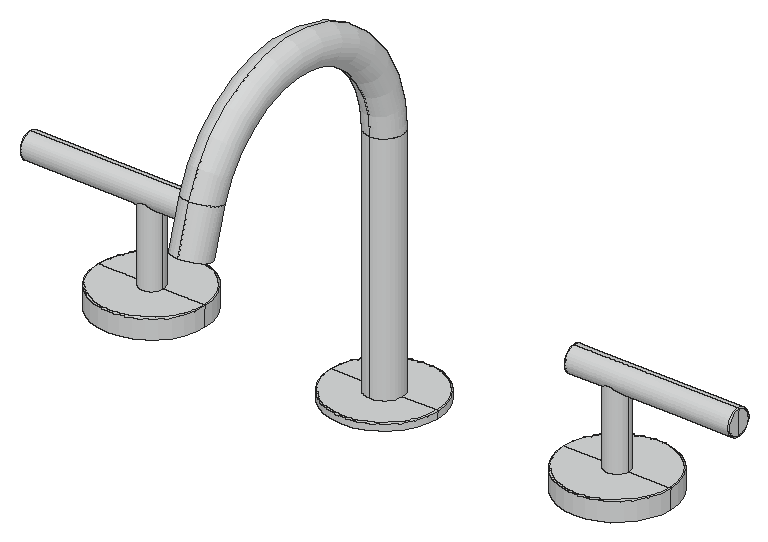
Revit family "TapSet_Basin_Nero_Mecca_Arc_Spout", category Plumbing Fixtures, Revit 2022
Family settings
  Round Connector Dimension = Use Diameter
  Part Type = Normal
  OmniClass Number = 23.31.11.19
  OmniClass Title = Faucet Mixing Valves
  Work Plane-Based = No
  Always vertical = Yes
  Cut with Voids When Loaded = Yes
  Maintain Annotation Orientation = No
  Shared = No
  Room Calculation Point = No
Parameters (values of type "Chrome (25D002CH)")
  Waste Connection = no
  WFU = 0
  Vent Connection = no
  Uniclass2015Version = "Products v1.35"
  Uniclass2015Title = "Taps and water supply outlet fittings"
  Uniclass2015Code = "Pr_40_20_87"
  URL = "https://nerotapware.com.au/"
  Type Comments = "Tap Set - Basin - Arc - Spout - Chrome"
  ModifiedIssue = 20251009
  Model = "25D002CH"
  Material = Metal_Chrome_Nero
  ManufacturerURLProductSpecific = ""
  ManufacturerSpecCode = Model  # "25D002CH"
  ManufacturerOverallWidth = 396 mm  # constant formula
  ManufacturerOverallHeight = 210 mm  # constant formula
  ManufacturerOverallDepth = 175 mm  # constant formula
  Manufacturer = "Nero"
  IfcExportType = "MIXING"
  IfcExportAs = "IfcValve"
  HWFU = 0
  HW Connection = yes
  Description = "Mecca Basin Set Arc Spout Chrome"
  Default Elevation = 900 mm
  CreatedByURL = "https://igsgroup.com.au"
  CreatedBy = "IGS BIM Solutions"  # constant formula
  CWFU = 0
  CW Connection = yes
  Assembly Code = "D2010"
Types (7, lengths in mm): name | Type Comments | Model | Material | ManufacturerSpecCode | Description
  Chrome (25D002CH) | "Tap Set - Basin - Arc - Spout - Chrome" | "25D002CH" | Metal_Chrome_Nero | "25D002CH" | "Mecca Basin Set Arc Spout Chrome"
  Matte Black (25D002MB) | "Tap Set - Basin - Arc - Spout - Matte Black" | "25D002MB" | Metal_MatteBlack_Nero | "25D002MB" | "Mecca Basin Set Arc Spout Matte Black"
  Brushed Nickel (25D002BN) | "Tap Set - Basin - Arc - Spout - Brushed Nickel" | "25D002BN" | Metal_Nickel_Nero_Brushed | "25D002BN" | "Mecca Basin Set Arc Spout Brushed Nickel"
  Gun Metal (25D002GM) | "Tap Set - Basin - Arc - Spout - Gun Metal" | "25D002GM" | Metal_GunMetal_Nero | "25D002GM" | "Mecca Basin Set Arc Spout Gun Metal"
  Brushed Gold (25D002BG) | "Tap Set - Basin - Arc - Spout - Brushed Gold" | "25D002BG" | Metal_Gold_Nero_Brushed | "25D002BG" | "Mecca Basin Set Arc Spout Brushed Gold"
  Brushed Bronze (25D002BZ) | "Tap Set - Basin - Arc - Spout - Brushed Bronze" | "25D002BZ" | Metal_Bronze_Nero_Brushed | "25D002BZ" | "Mecca Basin Set Arc Spout Brushed Bronze"
  Matte White (25D002MW) | "Tap Set - Basin - Arc - Spout - Matte White" | "25D002MW" | Metal_MatteWhite_Nero | "25D002MW" | "Mecca Basin Set Arc Spout Matte White"
Reference planes
  plane 1 "Bottom": z = 0
  plane 2 "Center (Left/Right)": x = 0.115
  plane 3 "Ref. Level": z = 0
  plane 4 "Top": z = 210
  plane 5 "Right": x = 198.115
  plane 6 "Left": x = -197.885
  plane 7 "SpoutCenter (Front/Back)": y = 70.962
  plane 8 "Front": y = -74.038
  plane 9 "Back": y = 100.962
Forms (mm)
  Extrusion 1, solid, material "Metal_Chrome_Nero" <- "Material"
    sketch origin (-636.28, 1255.962, 0) x (-1, 0, 0) y (0, -1, 0)
      loop
        circle (-505.968, 1185) r 6.35
      loop
        circle (-766.395, 1185) r 6.35
    from 0 to -1
  Revolve 2, solid, material "Metal_Chrome_Nero" <- "Material"
    sketch origin (-129.77, 70.962, 70.962) x (0, 0, -1) y (1, 0, 0)
      loop
        line (70.962, 99.885) -> (70.962, 129.885) -> (66.962, 129.885) -> (66.962, 100.385)
        arc (66.962, 100.385) -> (67.109, 100.031) -> (67.462, 99.885) r 0.5
        line (67.462, 99.885) -> (70.962, 99.885)
      axis (66.962, 129.885) -> (70.962, 129.885)
    angle from 0 to 360
  Revolve 3, solid, material "Metal_Chrome_Nero" <- "Material"
    sketch origin (0, 70.962, 70.962) x (0, 0, -1) y (1, 0, 0)
      loop
        line (70.962, -99.885) -> (60.462, -99.885)
        arc (60.462, -99.885) -> (60.109, -100.031) -> (59.962, -100.385) r 0.5
        line (59.962, -100.385) -> (59.962, -123.385) -> (13.962, -123.385) -> (13.962, -129.885) -> (70.962, -129.885) -> (70.962, -99.885)
      axis (13.962, -129.885) -> (70.962, -129.885)
    angle from 0 to 360
  Revolve 4, solid, material "Metal_Chrome_Nero" <- "Material"
    sketch origin (0, 70.962, 70.962) x (0, 0, -1) y (1, 0, 0)
      loop
        line (13.962, -105.885) -> (13.962, -197.885) -> (20.462, -197.885)
        arc (20.462, -197.885) -> (20.816, -197.739) -> (20.962, -197.385) r 0.5
        line (20.962, -197.385) -> (20.962, -106.385)
        arc (20.962, -106.385) -> (20.816, -106.031) -> (20.462, -105.885) r 0.5
        line (20.462, -105.885) -> (13.962, -105.885)
      axis (13.962, -105.885) -> (13.962, -197.885)
    angle from 0 to 360
  Extrusion 5, void
    sketch origin (636.083, -1114.038, 0) x (1, 0, 0) y (0, 1, 0)
      loop
        circle (-766.181, 1185) r 15
      loop
        circle (-505.968, 1185) r 15
    from 0 to -40
  Sweep 6, solid, material "Metal_Chrome_Nero" <- "Material"
    path origin (0.115, 118.462, -14.038) x (0, 0, -1) y (0, 1, 0)
      loop
        line (-14.038, -47.5) -> (-148.991, -47.5)
        arc (-148.991, -47.5) -> (-213.25, -102.44) -> (-168.965, -174.457) r 65.05
        line (-168.965, -174.457) -> (-144.038, -182.5)
    profile origin (0.115, 70.962, 67.476) x (0, -1, 0) y (1, 0, 0)
      loop
        circle (0, 0) r 10
  Revolve 7, solid, material "Metal_Chrome_Nero" <- "Material"
    sketch origin (0.23, 70.962, 70.962) x (0, 0, -1) y (1, 0, 0)
      loop
        line (70.962, 99.885) -> (70.962, 129.885) -> (13.962, 129.885) -> (13.962, 123.385) -> (59.962, 123.385) -> (59.962, 100.385)
        arc (59.962, 100.385) -> (60.109, 100.031) -> (60.462, 99.885) r 0.5
        line (60.462, 99.885) -> (70.962, 99.885)
      axis (13.962, 129.885) -> (70.962, 129.885)
    angle from 0 to 360
  Revolve 8, solid, material "Metal_Chrome_Nero" <- "Material"
    sketch origin (0.23, 70.962, 70.962) x (0, 0, -1) y (1, 0, 0)
      loop
        line (13.962, 105.885) -> (20.462, 105.885)
        arc (20.462, 105.885) -> (20.816, 106.031) -> (20.962, 106.385) r 0.5
        line (20.962, 106.385) -> (20.962, 197.385)
        arc (20.962, 197.385) -> (20.816, 197.739) -> (20.462, 197.885) r 0.5
        line (20.462, 197.885) -> (13.962, 197.885) -> (13.962, 105.885)
      axis (13.962, 105.885) -> (13.962, 197.885)
    angle from 0 to 360
Cuts and joins
  Extrusion 5 cuts Revolve 3
  joined: Revolve 3, Revolve 4
  joined: Revolve 2, Sweep 6
  joined: Revolve 7, Revolve 8
Lines and regions (mm)
  Masking region 1
    outline origin (0, 0, 210) x (0, 1, 0) y (-1, 0, 0)
      loop
        spline (-64.038, 9.885) -> (-66.501, 9.544) -> (-68.796, 8.545) -> (-70.767, 6.956) -> (-72.28, 4.885) -> (-73.23, 2.473) -> (-73.555, -0.115) -> (-73.23, -2.703) -> (-72.28, -5.115) -> (-70.767, -7.186) -> (-68.796, -8.775) -> (-66.501, -9.774) -> (-64.038, -10.115)
        line (-64.038, -10.115) -> (42.678, -10.115)
        arc (42.678, -10.115) -> (100.962, -0.115) -> (42.678, 9.885) r 30
        line (42.678, 9.885) -> (-64.038, 9.885)
      loop
        arc (77.962, 197.385) -> (77.816, 197.739) -> (77.462, 197.885) r 0.5
        line (77.462, 197.885) -> (64.462, 197.885)
        arc (64.462, 197.885) -> (64.109, 197.739) -> (63.962, 197.385) r 0.5
        line (63.962, 197.385) -> (63.962, 159.057)
        arc (63.962, 159.057) -> (70.962, 99.885) -> (77.962, 159.057) r 30
        line (77.962, 159.057) -> (77.962, 197.385)
      loop
        line (77.962, -197.615) -> (77.962, -159.287)
        arc (77.962, -159.287) -> (70.962, -100.115) -> (63.962, -159.287) r 30
        line (63.962, -159.287) -> (63.962, -197.615)
        arc (63.962, -197.615) -> (64.109, -197.969) -> (64.462, -198.115) r 0.5
        line (64.462, -198.115) -> (77.462, -198.115)
        arc (77.462, -198.115) -> (77.816, -197.969) -> (77.962, -197.615) r 0.5
  symbolic lines, style "Taps/Mixers", detail levels medium+fine
    curve 1: arc (10.115, 70.962, 210) -> (0.115, 80.962, 210) -> (-9.885, 70.962, 210) r 10
    curve 2: line (-9.885, 42.678, 210) -> (-9.885, 70.962, 210)
    curve 3: line (10.115, 42.678, 210) -> (10.115, 70.962, 210)
    curve 4: line (-106.385, 77.962, 210) -> (-159.057, 77.962, 210)
    curve 5: line (-105.885, 64.462, 210) -> (-105.885, 77.462, 210)
    curve 6: arc (-105.885, 77.462, 210) -> (-106.031, 77.816, 210) -> (-106.385, 77.962, 210) r 0.5
    curve 7: line (-106.385, 63.962, 210) -> (-159.057, 63.962, 210)
    curve 8: arc (-105.885, 64.462, 210) -> (-106.031, 64.109, 210) -> (-106.385, 63.962, 210) r 0.5
    curve 9: line (106.615, 77.962, 210) -> (159.287, 77.962, 210)
    curve 10: line (106.115, 64.462, 210) -> (106.115, 77.462, 210)
    curve 11: arc (106.115, 77.462, 210) -> (106.261, 77.816, 210) -> (106.615, 77.962, 210) r 0.5
    curve 12: line (106.615, 63.962, 210) -> (159.287, 63.962, 210)
    curve 13: arc (106.115, 64.462, 210) -> (106.261, 64.109, 210) -> (106.615, 63.962, 210) r 0.5
Text (mm)
  text "Disclaimer:\nDue to ongoing product development and manufacturing evolution, product details are subject to change without notice. Please refer to product technical data sheets on the manufacturers website for the most current product information. Please allow a +/- 5mm manufacturing tolerance for dimensions and set-outs shown in product literature." at (347.32, 148.915, 0), in view "Ref. Level"
Dimensions and locks
  "ManufacturerOverallHeight": plane 4 "Top" to plane 1 "Bottom"
  equal spacing: plane 6 "Left", plane 2 "Center (Left/Right)", plane 5 "Right"
  "ManufacturerOverallWidth": plane 6 "Left" to plane 5 "Right"
  "ManufacturerOverallDepth": plane 8 "Front" to plane 9 "Back"
  locked: plane 9 "Back" to plane 7 "SpoutCenter (Front/Back)" at 30
Automatic sketch dimensions
  plane 7 "SpoutCenter (Front/Back)" to Extrusion 1 sketch curve = 0 mm  (x2)
  Extrusion 1 sketch curve to plane 5 "Right" = 68 mm
  Extrusion 1 sketch curve to plane 6 "Left" = 67.573 mm
  Revolve 2 sketch curve to plane 2 "Center (Left/Right)" = 0 mm  (x2)
  Revolve 2 sketch curve to level = 0 mm
  Revolve 2 sketch curve to Revolve 2 sketch curve = 3.5 mm
  Revolve 2 sketch curve to Revolve 2 sketch curve = 4 mm
  Revolve 2 sketch curve to plane 2 "Center (Left/Right)" = 29.5 mm
  Revolve 2 sketch curve to Revolve 2 sketch curve = 14.414 mm
  Revolve 2 sketch curve to level = 1.586 mm
  Revolve 3 sketch curve to level = 0 mm
  level to Revolve 3 sketch curve = 10.5 mm
  Revolve 3 sketch curve to Revolve 3 sketch curve = 0.5 mm
  Revolve 3 sketch curve to Revolve 3 sketch curve = 46 mm
  Revolve 3 sketch curve to plane 6 "Left" = 68 mm
  Revolve 3 sketch curve to Revolve 3 sketch curve = 6.5 mm
  Revolve 3 sketch curve to Revolve 3 sketch curve = 23 mm
  Revolve 3 sketch curve to Revolve 3 sketch curve = 7.414 mm
  Revolve 3 sketch curve to Revolve 3 sketch curve = 1.586 mm
  Revolve 3 sketch curve to Revolve 3 sketch curve = 0 mm
  plane 6 "Left" to Revolve 4 sketch curve = 0 mm
  level to Revolve 4 sketch curve = 57 mm
  Revolve 4 sketch curve to Revolve 4 sketch curve = 6.5 mm  (x2)
  Revolve 4 sketch curve to plane 6 "Left" = 0.5 mm
  Revolve 4 sketch curve to Revolve 4 sketch curve = 91 mm
  Revolve 4 sketch curve to Revolve 4 sketch curve = 0 mm
  Revolve 4 sketch curve to Revolve 4 sketch curve = 37.896 mm
  Revolve 4 sketch curve to Revolve 4 sketch curve = 0.115 mm
  plane 7 "SpoutCenter (Front/Back)" to Extrusion 5 sketch curve = 0 mm  (x2)
  Extrusion 5 sketch curve to plane 6 "Left" = 67.786 mm
  Extrusion 5 sketch curve to plane 5 "Right" = 68 mm
  Sweep 6 sketch curve to plane 7 "SpoutCenter (Front/Back)" = 0 mm
  Sweep 6 sketch curve to level = 0 mm
  Sweep 6 sketch curve to plane 4 "Top" = 75.047 mm
  Sweep 6 sketch curve to plane 8 "Front" = 18.043 mm
  Sweep 6 sketch curve to plane 4 "Top" = 55.073 mm
  Sweep 6 sketch curve to plane 8 "Front" = 10 mm
  Sweep 6 sketch curve to Sweep 6 sketch curve = 24.927 mm
  Sweep 6 sketch curve to profile plane = 0 mm  (x2)
  Revolve 7 sketch curve to level = 0 mm
  level to Revolve 7 sketch curve = 10.5 mm
  Revolve 7 sketch curve to Revolve 7 sketch curve = 0.5 mm
  Revolve 7 sketch curve to Revolve 7 sketch curve = 46 mm
  Revolve 7 sketch curve to plane 5 "Right" = 98 mm
  Revolve 7 sketch curve to Revolve 7 sketch curve = 23 mm
  Revolve 7 sketch curve to Revolve 7 sketch curve = 6.5 mm
  Revolve 7 sketch curve to Revolve 7 sketch curve = 7.414 mm
  Revolve 7 sketch curve to Revolve 7 sketch curve = 1.586 mm
  Revolve 7 sketch curve to Revolve 7 sketch curve = 0 mm
  Revolve 8 sketch curve to plane 5 "Right" = 0 mm
  level to Revolve 8 sketch curve = 57 mm
  Revolve 8 sketch curve to Revolve 8 sketch curve = 6.5 mm  (x2)
  Revolve 8 sketch curve to plane 5 "Right" = 0.5 mm
  Revolve 8 sketch curve to Revolve 8 sketch curve = 91 mm
  Revolve 8 sketch curve to Revolve 8 sketch curve = 0 mm
  Revolve 8 sketch curve to Revolve 8 sketch curve = 37.896 mm
  Revolve 8 sketch curve to Revolve 8 sketch curve = 0.115 mm
  Masking region 1 sketch curve to plane 2 "Center (Left/Right)" = 0 mm  (x2)
  Masking region 1 sketch curve to plane 6 "Left" = 0 mm
  Masking region 1 sketch curve to plane 5 "Right" = 0 mm
  plane 7 "SpoutCenter (Front/Back)" to Masking region 1 sketch curve = 0 mm  (x3)
  plane 7 "SpoutCenter (Front/Back)" to Masking region 1 sketch curve = 6.5 mm  (x2)
  Masking region 1 sketch curve to Masking region 1 sketch curve = 0.5 mm
  plane 7 "SpoutCenter (Front/Back)" to Masking region 1 sketch curve = 7 mm
  Masking region 1 sketch curve to plane 2 "Center (Left/Right)" = 10 mm
  plane 7 "SpoutCenter (Front/Back)" to Masking region 1 sketch curve = 28.284 mm
  Masking region 1 sketch curve to plane 8 "Front" = 10 mm
  Masking region 1 sketch curve to plane 7 "SpoutCenter (Front/Back)" = 6.5 mm  (x2)
  Masking region 1 sketch curve to plane 6 "Left" = 0.5 mm
  Masking region 1 sketch curve to plane 5 "Right" = 0.5 mm
  Masking region 1 sketch curve to Masking region 1 sketch curve = 38.328 mm
  Masking region 1 sketch curve to Masking region 1 sketch curve = 29.172 mm  (x2)
  Masking region 1 sketch curve to Masking region 1 sketch curve = 67.5 mm
  plane 7 "SpoutCenter (Front/Back)" to curve 3 = 0 mm
  curve 1 to plane 2 "Center (Left/Right)" = 0 mm
  plane 7 "SpoutCenter (Front/Back)" to curve 10 = 6.5 mm
  plane 7 "SpoutCenter (Front/Back)" to curve 8 = 6.5 mm
  curve 7 to curve 8 = 0.5 mm
  curve 12 to curve 13 = 0.5 mm
  curve 6 to plane 7 "SpoutCenter (Front/Back)" = 6.5 mm
  curve 10 to plane 7 "SpoutCenter (Front/Back)" = 6.5 mm
  curve 6 to curve 4 = 0.5 mm
  curve 11 to curve 9 = 0.5 mm
  plane 2 "Center (Left/Right)" to curve 3 = 10 mm
  curve 10 to plane 5 "Right" = 92 mm
  curve 5 to plane 6 "Left" = 92 mm
  plane 7 "SpoutCenter (Front/Back)" to curve 3 = 28.284 mm
  curve 2 to curve 3 = 0 mm
  curve 12 to plane 5 "Right" = 38.828 mm
  curve 9 to curve 12 = 0 mm
  curve 7 to plane 6 "Left" = 38.828 mm
  curve 4 to curve 7 = 0 mm
  radius of Extrusion 1 sketch curve = 6.35 mm  (x2)
  radius of Extrusion 5 sketch curve = 15 mm  (x2)
  radius of Sweep 6 sketch curve = 10 mm
Connectors
  piping at (-130.312, 70.962, -1), diameter 12.7, driven by "HW Connection"
    settings: on Extrusion 1, index 10, connector inside diameter 609.6 mm, connector length 0 mm, flow factor 0, pipe flow 0.0 L/s, pressure drop 0.0 Pa, fitting loss kfactor 0, connector angle 0.00°, fixture units 0, engagement length 0 mm, angle of deflection 0.00°, flow configuration 2, flow direction 1, fitting loss method 0, system type 19, joint type 0, gender type 0, connector reference index -1, connector utility 1, adjustable connector no, is connector primary yes, connector description ""
  piping at (-130.312, 70.962, -1), diameter 12.7, driven by "HW Connection"
    settings: on Extrusion 1, index 11, connector inside diameter 609.6 mm, connector length 0 mm, flow factor 0, pipe flow 0.0 L/s, pressure drop 0.0 Pa, fitting loss kfactor 0, connector angle 0.00°, fixture units 0, engagement length 0 mm, angle of deflection 0.00°, flow configuration 2, flow direction 1, fitting loss method 0, system type 19, joint type 0, gender type 0, connector reference index -1, connector utility 1, adjustable connector no, is connector primary no, connector description "Hot Water Supply"
  piping at (130.115, 70.962, -1), diameter 12.7, driven by "CW Connection"
    settings: on Extrusion 1, index 12, connector inside diameter 609.6 mm, connector length 0 mm, flow factor 0, pipe flow 0.0 L/s, pressure drop 0.0 Pa, fitting loss kfactor 0, connector angle 0.00°, fixture units 0, engagement length 0 mm, angle of deflection 0.00°, flow configuration 2, flow direction 1, fitting loss method 0, system type 20, joint type 0, gender type 0, connector reference index -1, connector utility 1, adjustable connector no, is connector primary no, connector description "Cold Water Supply"
